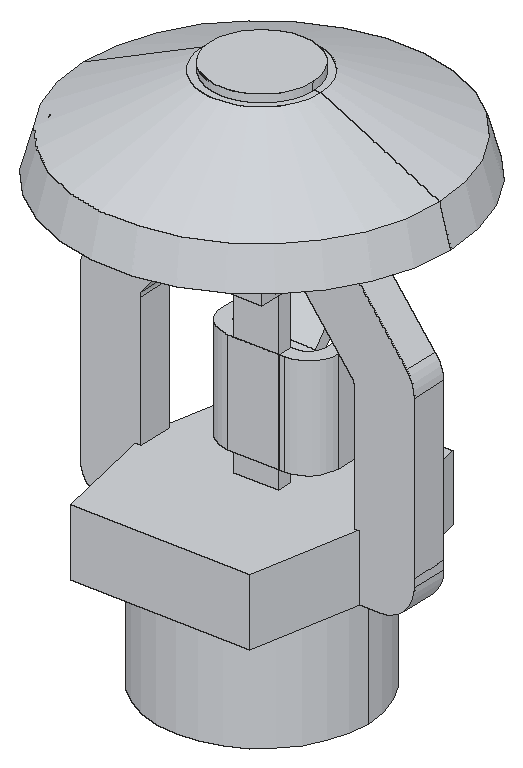
Revit family
Parameters (values of type "RASCO G XLO")
  Temperature Rating = 165 °F
  Response = (empty or 0)
  RASCO SIN # = "R2921"
  RASCO Part # = "GUX1LB"
  Pressure Rating = ""
  Pressure Class = (empty or 0)
  Orifice Size = 3/4"
  Orifice = (empty or 0)
  Model = "G XLO"
  Manufacturer = "RASCO"
  K-Factor = 11.2
  Diameter = 3/4"
  Description = "BRASS FINISH"
  Coverage = (empty or 0)
Reference planes (in)
  plane 1 "Center (Front/Back)": y = 0
  plane 2: z = 0
  plane 3 "Center (Left/Right)": x = 0
Nested families (in)
  nested 1: "RASCO- GUX1LB" at (0, -3.08717, -0.22224), type "RASCO G XLO"
Connectors (in)
  piping at (0, -3.08717, 0.0998)
    settings: on nested 1, index 1, connector radius 1/2", flow factor 0, pipe flow 0 GPM, pressure drop 0.00 psi, fitting loss kfactor 0, connector angle 0.00°, fixture units 0, flow configuration 0, flow direction 0, fitting loss method 0, system type 7, connector reference index -1, connector utility 0, adjustable connector no, is connector primary yes, fitting loss table "", connector description ""
Definition of nested family "RASCO- GUX1LB"
  Parameters (values of type "RASCO J168")
    Type Comments = ""
    Temperature Rating = 0 °F
    Response = (empty or 0)
    Pressure Rating = "0"
    Pressure Class = (empty or 0)
    Orifice Size = 0"
    Orifice = (empty or 0)
    Model = ""
    Manufacturer = ""
    K-Factor = 0
    Description = ""
    Coverage = (empty or 0)
    Assembly Code = ""
  Reference planes (in)
    plane 1 "Center (Front/Back)": y = 0
    plane 2: z = 0
    plane 3 "REF.1": z = 0.888
    plane 4 "top": z = 2.8125
    plane 5: x = -0.81624
    plane 6: x = 0.81332
    plane 7 "ref.2": z = 2.12402
    plane 8 "head": z = 2.72724
    plane 9 "left/right center": x = 0
    plane 10 "screw": z = 1.98251
    plane 11 "link2": through (0, -0.02489, 1.21079) normal (0, 0.6767, -0.7363)
    plane 12: z = 3.03474
    plane 13: z = 1.213
  Forms (in)
    Extrusion 1, solid
      sketch origin (0, 0, 0) x (1, 0, 0) y (0, 1, 0)
        loop
          circle (0, 0) r 0.5221
      from 0.32204 to 0.888
    Extrusion 2, solid
      sketch origin (0, 0, 0.888) x (-1, 0, 0) y (0, -1, 0)
        loop
          line (-0.43619, -0.62052) -> (0.4375, -0.62052) -> (0.56391, 0) -> (0.4375, 0.62052) -> (-0.43619, 0.62052) -> (-0.56259, 0) -> (-0.43619, -0.62052)
      from 0 to 0.325
    Extrusion 3, solid
      sketch origin (0, 0, 0) x (1, 0, 0) y (0, 0, 1)
        loop
          line (-0.5221, 0.888) -> (-0.5221, 1.098) -> (-0.5221, 1.86141)
          arc (-0.5221, 1.86141) -> (-0.5194, 1.87757) -> (-0.51161, 1.89198) r 0.04979
          line (-0.51161, 1.89198) -> (-0.21764, 2.26989) -> (-0.00066, 2.26989) -> (0.20278, 2.26989) -> (0.5115, 1.87435)
          arc (0.5115, 1.87435) -> (0.51938, 1.85983) -> (0.5221, 1.84354) r 0.05007
          line (0.5221, 1.84354) -> (0.5221, 1.098) -> (0.5221, 0.888) -> (0.64763, 0.888)
          arc (0.64763, 0.888) -> (0.76676, 0.93734) -> (0.8161, 1.05647) r 0.16847
          line (0.8161, 1.05647) -> (0.8161, 1.098) -> (0.8161, 1.88537)
          arc (0.8161, 1.88537) -> (0.80631, 1.94391) -> (0.77801, 1.99608) r 0.17993
          line (0.77801, 1.99608) -> (0.32662, 2.5744) -> (-0.32864, 2.5744) -> (-0.77818, 1.99651)
          arc (-0.77818, 1.99651) -> (-0.80636, 1.94441) -> (-0.8161, 1.88599) r 0.18
          line (-0.8161, 1.88599) -> (-0.8161, 1.098) -> (-0.8161, 1.05594)
          arc (-0.8161, 1.05594) -> (-0.76691, 0.93719) -> (-0.64816, 0.888) r 0.16794
          line (-0.64816, 0.888) -> (-0.5221, 0.888)
      from -0.08649 to 0.08732
    Revolve 4, solid
      sketch origin (0, 0, 0) x (1, 0, 0) y (0, 0, 1)
        loop
          line (-0.00066, 2.81189) -> (-0.32516, 2.81189)
          arc (-0.32516, 2.81189) -> (-0.339, 2.80616) -> (-0.34473, 2.79233) r 0.01957
          line (-0.34473, 2.79233) -> (-0.34473, 2.57443)
          arc (-0.34473, 2.57443) -> (-0.34132, 2.5437) -> (-0.33127, 2.51445) r 0.14031
          line (-0.33127, 2.51445) -> (-0.03397, 2.17619) -> (-0.00066, 2.17619) -> (-0.00066, 2.81189)
        axis (-0.00066, 2.81189) -> (-0.00066, 2.17619)
      angle from 0 to 360
    Extrusion 5, solid
      sketch origin (0, 0, 2.8125) x (-1, 0, 0) y (0, -1, 0)
        loop
          circle (0, 0) r 0.25
      from 0 to 0.22224
    Revolve 6, solid
      sketch origin (0, 0, 0) x (1, 0, 0) y (0, 0, 1)
        loop
          line (0, 2.99796) -> (-0.28606, 2.99796) -> (-0.87155, 2.72724) -> (-0.92272, 2.53626) -> (-0.87452, 2.53626) -> (-0.83546, 2.68206) -> (-0.27232, 2.94244) -> (0, 2.94244) -> (0, 2.99796)
        axis (0, 2.99796) -> (0, 2.53626)
      angle from 0 to 360
    Extrusion 7, solid
      sketch origin (0, 0, 0) x (1, 0, 0) y (0, 0, 1)
        loop
          line (0.10934, 1.213) -> (0.10934, 2.12264) -> (-0.11066, 2.12264) -> (-0.11066, 1.213) -> (0.10934, 1.213)
      from -0.03602 to 0.03346
    Extrusion 8, solid
      sketch origin (0, 0, 0) x (1, 0, 0) y (0, 1, 0)
        loop
          line (-0.13782, -0.03346) -> (0.13824, -0.03346)
          arc (0.13824, -0.03346) -> (0.24228, 0.00963) -> (0.28537, 0.11367) r 0.14713
          line (0.28537, 0.11367) -> (0.28537, 0.36654) -> (0.21637, 0.36654) -> (0.21637, 0.12177)
          arc (0.21637, 0.12177) -> (0.19125, 0.06113) -> (0.13062, 0.03602) r 0.08575
          line (0.13062, 0.03602) -> (-0.12969, 0.03602)
          arc (-0.12969, 0.03602) -> (-0.19046, 0.06119) -> (-0.21563, 0.12195) r 0.08594
          line (-0.21563, 0.12195) -> (-0.21563, 0.36654) -> (-0.28463, 0.36654) -> (-0.28463, 0.11335)
          arc (-0.28463, 0.11335) -> (-0.24163, 0.00954) -> (-0.13782, -0.03346) r 0.14681
      from 1.30472 to 1.80738
    Extrusion 9, solid
      sketch origin (0, 0, 0) x (0, 0, -1) y (0, -1, 0)
        loop
          circle (-1.56307, -0.22442) r 0.13793
      from -0.21637 to 0.21563
    Extrusion 10, solid
      sketch origin (0, 0, 0) x (0, 0, -1) y (0, -1, 0)
        loop
          arc (-2.17619, -0.26024) -> (-2.1058, -0.36958) -> (-1.97714, -0.35076) r 0.12011
          line (-1.97714, -0.35076) -> (-1.74478, -0.14809)
          arc (-1.74478, -0.14809) -> (-1.6682, -0.1024) -> (-1.58045, -0.08649) r 0.25
          line (-1.58045, -0.08649) -> (-1.42416, -0.08649) -> (-1.42416, -0.03602) -> (-1.5818, -0.03602)
          arc (-1.5818, -0.03602) -> (-1.69102, -0.05581) -> (-1.78634, -0.11268) r 0.31117
          line (-1.78634, -0.11268) -> (-1.99985, -0.29891)
          arc (-1.99985, -0.29891) -> (-2.07893, -0.31048) -> (-2.12219, -0.24328) r 0.07382
          line (-2.12219, -0.24328) -> (-2.12219, 0.21398) -> (-2.17619, 0.21398) -> (-2.17619, -0.26024)
      from -0.17291 to 0.17375
  Dimensions and locks (in)
    plane 5 to Extrusion 8 = 0' - 1.10161"
